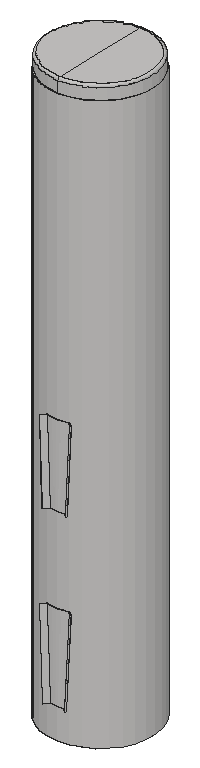
Revit family "QF_Vollrath_LD2-2", category Specialty Equipment, Revit 2016
Family settings
  Part Type = Normal
  Round Connector Dimension = Use Diameter
  OmniClass Number = 23.40.40.00
  OmniClass Title = Food Service Equipment and Furnishings
  Work Plane-Based = Yes
  Always vertical = Yes
  Cut with Voids When Loaded = No
  Shared = No
  Room Calculation Point = No
Parameters
  Width = 4 1/2"
  Weight in Pounds = 0
  Watermarked By = ""
  URL Cutsheet = ""
  Specification by User [instance] = ""
  Specification by Manufacturer [instance] = ""
  Serial Number [instance] = ""
  Revision Code [instance] = ""
  NAFEM Spec ID Number [instance] = ""
  Model = "LD2-2"
  Masterspec [instance] = ""
  Manufacturer = "Vollrath"
  Item Number [instance] = "-"
  Installed By [instance] = ""
  Height = 25 1/2"
  Furnished By [instance] = ""
  Foodservice Equipment Identifier = yes
  Description = "Lid Dispenser"
  Depth = 4 1/2"
  Default Elevation = 48"
  CSI MasterFormat = ""
Reference planes (in)
  plane 1 "BACK": y = 0
  plane 2 "BOTTOM": z = 0
  plane 3 "LEFT": x = -16.56573
  plane 4 "RIGHT": x = -12.06573
  plane 5 "FRONT": y = -4.5
  plane 6 "TOP": z = 25.5
  plane 7: z = 24.91
  plane 8: z = 12.9818
  plane 9 "Middle Bottom": z = 12.3918
  plane 10: z = 0.59
  plane 11: z = 18.9459
  plane 12: z = 6.4909
  plane 13: y = -0.22333
  plane 14 "CNTR LR": x = -14.31573
  plane 15 "CNTR FB": y = -2.25
  plane 16: x = -16.34573
  plane 17: x = -12.45239
  plane 18 "Bottom Screw 1": z = 1.375
  plane 19 "Bottom of Screw 2": z = 5.125
  plane 20 "Top Screw 1": z = 8.875
  plane 21 "Top Screw 2": z = 12.625
Forms (in)
  Extrusion 1, solid, material "QF_Stainless-Polished"
    sketch origin (0, 0, 0) x (1, 0, 0) y (0, 1, 0)
      loop
        line (-15.75906, -0.48) -> (-15.75906, -0.51872)
        arc (-15.75906, -0.51872) -> (-14.31573, -4.50401) -> (-12.87239, -0.51872) r 2.25401
        line (-12.87239, -0.51872) -> (-12.87239, -0.48)
        arc (-12.87239, -0.48) -> (-14.31573, -4.53388) -> (-15.75906, -0.48) r 2.28388
    from 0 to 24.91
  Revolve 2, solid, material "QF_Stainless-Polished"
    sketch origin (-14.31573, 0, 0) x (0, 1, 0) y (0, 0, 1)
      loop
        line (-0.1, 25.5) -> (-2.25, 25.5) -> (-2.25, 24.91) -> (0, 24.91) -> (0, 25.4)
        arc (0, 25.4) -> (-0.02929, 25.47071) -> (-0.1, 25.5) r 0.1
      axis (-2.25, 24.91) -> (-2.25, 25.5)
    angle from 0 to 360
  Revolve 3, solid, material "QF_Stainless-Polished"
    sketch origin (-14.31573, 0, 0) x (0, 1, 0) y (0, 0, 1)
      loop
        line (-0.1, 12.9818) -> (-2.25, 12.9818) -> (-2.25, 12.3918) -> (0, 12.3918) -> (0, 12.8818)
        arc (0, 12.8818) -> (-0.02929, 12.95251) -> (-0.1, 12.9818) r 0.1
      axis (-2.25, 12.3918) -> (-2.25, 12.9818)
    angle from 0 to 360
  Revolve 4, solid, material "QF_Stainless-Polished"
    sketch origin (-14.31573, 0, 0) x (0, 1, 0) y (0, 0, 1)
      loop
        line (-0.1, 0.59) -> (-2.25, 0.59) -> (-2.25, 0) -> (0, 0) -> (0, 0.49)
        arc (0, 0.49) -> (-0.02929, 0.56071) -> (-0.1, 0.59) r 0.1
      axis (-2.25, 0) -> (-2.25, 0.59)
    angle from 0 to 360
  Blend 5, solid, material "QF_Stainless-Polished"
    base sketch origin (0, -0.05878, 1.375) x (0, 1, 0) y (-1, 0, 0)
      loop
        line (-4.47508, 14.62595) -> (-4.66485, 14.81704)
        arc (-4.66485, 14.81704) -> (-4.66887, 14.79913) -> (-4.67274, 14.78119) r 2.24813
        line (-4.67274, 14.78119) -> (-4.50709, 14.61554)
        arc (-4.50709, 14.61554) -> (-4.52907, 14.31573) -> (-4.50709, 14.01591) r 2.05574
        line (-4.50709, 14.01591) -> (-4.67274, 13.85026)
        arc (-4.67274, 13.85026) -> (-4.66887, 13.83232) -> (-4.66485, 13.81441) r 2.24813
        line (-4.66485, 13.81441) -> (-4.47508, 14.0055)
        arc (-4.47508, 14.0055) -> (-4.49898, 14.31573) -> (-4.47508, 14.62595) r 2.02564
    top sketch origin (0, -0.05878, 1.375) x (0, 1, 0) y (-1, 0, 0)
      loop
        arc (-4.62665, 14.98077) -> (-4.63162, 14.96448) -> (-4.63646, 14.94815) r 2.25368
        line (-4.63646, 14.94815) -> (-4.47821, 14.7899)
        arc (-4.47821, 14.7899) -> (-4.53352, 14.31573) -> (-4.47821, 13.84155) r 2.06019
        line (-4.47821, 13.84155) -> (-4.63646, 13.6833)
        arc (-4.63646, 13.6833) -> (-4.63162, 13.66697) -> (-4.62665, 13.65068) r 2.25368
        line (-4.62665, 13.65068) -> (-4.44514, 13.83219)
        arc (-4.44514, 13.83219) -> (-4.50356, 14.31573) -> (-4.44514, 14.79926) r 2.03023
        line (-4.44514, 14.79926) -> (-4.62665, 14.98077)
    from 0 to 3.75
  Blend 6, solid, material "QF_Stainless-Polished"
    base sketch origin (0, -0.04953, 8.875) x (0, 1, 0) y (-1, 0, 0)
      loop
        arc (-4.50709, 14.63458) -> (-4.53194, 14.31573) -> (-4.50709, 13.99687) r 2.0586
        line (-4.50709, 13.99687) -> (-4.67274, 13.83121)
        arc (-4.67274, 13.83121) -> (-4.66887, 13.81393) -> (-4.66485, 13.79668) r 2.25215
        line (-4.66485, 13.79668) -> (-4.47508, 13.98645)
        arc (-4.47508, 13.98645) -> (-4.50198, 14.31573) -> (-4.47508, 14.645) r 2.02865
        line (-4.47508, 14.645) -> (-4.66485, 14.83477)
        arc (-4.66485, 14.83477) -> (-4.66887, 14.81752) -> (-4.67274, 14.80024) r 2.25215
        line (-4.67274, 14.80024) -> (-4.50709, 14.63458)
    top sketch origin (0, -0.04953, 8.875) x (0, 1, 0) y (-1, 0, 0)
      loop
        line (-4.63646, 14.94815) -> (-4.47821, 14.7899)
        arc (-4.47821, 14.7899) -> (-4.53352, 14.31573) -> (-4.47821, 13.84155) r 2.06019
        line (-4.47821, 13.84155) -> (-4.63646, 13.6833)
        arc (-4.63646, 13.6833) -> (-4.63162, 13.66697) -> (-4.62665, 13.65068) r 2.25368
        line (-4.62665, 13.65068) -> (-4.44514, 13.83219)
        arc (-4.44514, 13.83219) -> (-4.50356, 14.31573) -> (-4.44514, 14.79926) r 2.03023
        line (-4.44514, 14.79926) -> (-4.62665, 14.98077)
        arc (-4.62665, 14.98077) -> (-4.63162, 14.96448) -> (-4.63646, 14.94815) r 2.25368
    from 0 to 3.5168
Lines and regions (in)
  symbolic lines, style "QF_Details_Surface"
    curve 1: line (-14.80459, -4.5, 8.875) -> (-14.98077, -4.67619, 8.875)
    curve 2: line (-14.94815, -4.68599, 8.875) -> (-14.7899, -4.52774, 8.875)
    curve 3: arc (-14.7899, -4.52774, 8.875) -> (-14.31573, -4.58305, 8.875) -> (-13.84155, -4.52774, 8.875) r 2.06019
    curve 4: arc (-13.83219, -4.49467, 8.875) -> (-14.31573, -4.55309, 8.875) -> (-14.79926, -4.49467, 8.875) r 2.03023
    curve 5: line (-13.65068, -4.67619, 8.875) -> (-13.83219, -4.49467, 8.875)
    curve 6: line (-13.84155, -4.52774, 8.875) -> (-13.6833, -4.68599, 8.875)
    curve 7: arc (-13.6833, -4.68599, 8.875) -> (-13.66697, -4.68115, 8.875) -> (-13.65068, -4.67619, 8.875) r 2.25368
    curve 8: arc (-14.98077, -4.67619, 8.875) -> (-14.96448, -4.68115, 8.875) -> (-14.94815, -4.68599, 8.875) r 2.25368
  symbolic lines
    curve 9: circle (-14.31573, -2.25, 8.875) r 2.25 normal (0, 0, 1)
Dimensions and locks (in)
  "Width": plane 3 "LEFT" to plane 4 "RIGHT"
  "Depth": plane 5 "FRONT" to plane 1 "BACK"
  "Height": plane 6 "TOP" to plane 2 "BOTTOM"
  locked: plane 6 "TOP" to plane 7 at 0.59
  locked: plane 8 to plane 9 "Middle Bottom" at 0.59
  locked: plane 10 to level at 0.59
  equal spacing: plane 7, plane 11, plane 8
  equal spacing: plane 9 "Middle Bottom", plane 12, plane 10
  equal spacing: plane 3 "LEFT", plane 14 "CNTR LR", plane 4 "RIGHT"
  equal spacing: plane 5 "FRONT", plane 15 "CNTR FB", plane 1 "BACK"
  locked: plane 18 "Bottom Screw 1" to level at 1.375
  locked: plane 19 "Bottom of Screw 2" to plane 18 "Bottom Screw 1" at 3.75
  locked: plane 20 "Top Screw 1" to plane 19 "Bottom of Screw 2" at 3.75
  locked: plane 21 "Top Screw 2" to plane 20 "Top Screw 1" at 3.75
  aligned and locked: level to plane 2 "BOTTOM"
  aligned and locked: plane 7 to Extrusion 1
  aligned and locked: Revolve 2 sketch curve to Revolve 2 sketch curve
  aligned and locked: plane 8 to Revolve 3 sketch curve
  aligned and locked: Revolve 3 sketch curve to plane 1 "BACK"
  aligned and locked: Revolve 3 sketch curve to plane 9 "Middle Bottom"
  aligned and locked: Revolve 3 sketch curve to Revolve 3 sketch curve
  aligned and locked: plane 7 to Revolve 2 sketch curve
  aligned and locked: Revolve 2 sketch curve to plane 15 "CNTR FB"
  aligned and locked: Revolve 2 sketch curve to plane 6 "TOP"
  aligned and locked: plane 1 "BACK" to Revolve 2 sketch curve
  aligned and locked: plane 10 to Revolve 4 sketch curve
  aligned and locked: Revolve 4 sketch curve to plane 1 "BACK"
  aligned and locked: Extrusion 1 to Revolve 4 sketch curve
  aligned and locked: Revolve 4 sketch curve to Revolve 4 sketch curve
  aligned and locked: plane 19 "Bottom of Screw 2" to Blend 5
Automatic sketch dimensions
  Revolve 2 sketch curve to plane 7 = 0"
  Revolve 2 sketch curve to plane 6 "TOP" = 0"
  Revolve 2 sketch curve to plane 6 "TOP" = 0.1"
  Revolve 3 sketch curve to plane 9 "Middle Bottom" = 0"
  Revolve 3 sketch curve to plane 8 = 0"
  Revolve 3 sketch curve to Revolve 3 sketch curve = 0.1"
  Revolve 4 sketch curve to level = 0"
  Revolve 4 sketch curve to plane 10 = 0"
  plane 1 "BACK" to Revolve 4 sketch curve = 0.1"
  Blend 5 sketch curve to plane 14 "CNTR LR" = 0"  (x2)
  plane 15 "CNTR FB" to Blend 5 sketch curve = 0.28211"  (x2)
  plane 5 "FRONT" to Blend 5 sketch curve = 0.22363"  (x2)
  Blend 5 sketch curve to Blend 5 sketch curve = 0.03201"  (x2)
  Blend 5 sketch curve to Blend 5 sketch curve = 0.01041"  (x2)
  Blend 5 sketch curve to Blend 5 sketch curve = 0"  (x12)
  Blend 5 sketch curve to Blend 5 sketch curve = 0.16565"
  Blend 5 sketch curve to Blend 5 sketch curve = 0.00789"  (x2)
  plane 5 "FRONT" to Blend 5 sketch curve = 0.06587"
  Blend 5 sketch curve to Blend 5 sketch curve = 0.15524"
  plane 14 "CNTR LR" to Blend 5 sketch curve = 0.29981"
  plane 5 "FRONT" to Blend 5 sketch curve = 0.18543"
  Blend 5 sketch curve to Blend 5 sketch curve = 0.00981"  (x2)
  Blend 5 sketch curve to Blend 5 sketch curve = 0.03307"  (x2)
  Blend 5 sketch curve to Blend 5 sketch curve = 0.00936"  (x2)
  Blend 5 sketch curve to Blend 5 sketch curve = 0.03262"  (x2)
  Blend 5 sketch curve to Blend 5 sketch curve = 0.15825"  (x2)
  plane 5 "FRONT" to Blend 5 sketch curve = 0.19524"
  Blend 6 sketch curve to plane 14 "CNTR LR" = 0"  (x2)
  Blend 6 sketch curve to Blend 6 sketch curve = 0.03201"  (x2)
  Blend 6 sketch curve to Blend 6 sketch curve = 0.00789"  (x2)
  Blend 6 sketch curve to Blend 6 sketch curve = 0.01041"
  Blend 6 sketch curve to Blend 6 sketch curve = 0.16565"  (x3)
  Blend 6 sketch curve to Blend 6 sketch curve = 0.03453"  (x2)
  Blend 6 sketch curve to Blend 6 sketch curve = 0"  (x12)
  plane 5 "FRONT" to Blend 6 sketch curve = 0.22228"  (x2)
  plane 15 "CNTR FB" to Blend 6 sketch curve = 0.27287"  (x2)
  Blend 6 sketch curve to Blend 6 sketch curve = 0.03307"  (x2)
  plane 5 "FRONT" to Blend 6 sketch curve = 0.02774"
  plane 5 "FRONT" to Blend 6 sketch curve = 0.17619"
  Blend 6 sketch curve to Blend 6 sketch curve = 0.00981"  (x2)
  Blend 6 sketch curve to Blend 6 sketch curve = 0.00936"  (x2)
  Blend 6 sketch curve to Blend 6 sketch curve = 0.03262"  (x2)
  plane 5 "FRONT" to Blend 6 sketch curve = 0.18599"
  Blend 6 sketch curve to Blend 6 sketch curve = 0.14889"
  Extrusion 1 sketch curve to plane 14 "CNTR LR" = 0"
  plane 15 "CNTR FB" to Extrusion 1 sketch curve = 0"
  plane 13 to Extrusion 1 sketch curve = 0.29538"  (x2)
  Extrusion 1 sketch curve to Extrusion 1 sketch curve = 0"  (x2)
  plane 1 "BACK" to Extrusion 1 sketch curve = 0.48"
  plane 16 to Extrusion 1 sketch curve = 0.58667"
  Revolve 4 sketch curve to plane 15 "CNTR FB" = 0"
  Revolve 3 sketch curve to plane 15 "CNTR FB" = 0"
  curve 3 to curve 4 = 0"  (x2)
  curve 3 to curve 7 = 0"  (x2)
  curve 3 to curve 8 = 0"  (x2)
  curve 4 to curve 7 = 0"  (x2)
  curve 4 to curve 8 = 0"  (x2)
  curve 7 to curve 8 = 0"  (x2)
  plane 5 "FRONT" to curve 1 = 0"
  curve 8 to plane 14 "CNTR LR" = 0"
  curve 9 to plane 14 "CNTR LR" = 0"
  plane 15 "CNTR FB" to curve 9 = 0"
  plane 5 "FRONT" to curve 6 = 0.02774"
  plane 5 "FRONT" to curve 2 = 0.02774"
  plane 5 "FRONT" to curve 5 = 0.17619"
  plane 5 "FRONT" to curve 1 = 0.17619"
  curve 6 to curve 5 = 0.00981"
  curve 2 to curve 8 = 0.00981"
  curve 5 to plane 5 "FRONT" = 0.00533"
  plane 15 "CNTR FB" to curve 8 = 0.27287"
  plane 14 "CNTR LR" to curve 6 = 0.47418"
  curve 5 to curve 6 = 0.00936"
  curve 6 to curve 6 = 0.15825"
  curve 2 to curve 2 = 0.15825"
  curve 4 to plane 5 "FRONT" = 0.00533"
  curve 4 to curve 1 = 0.00533"
  radius of curve 9 = 2 1/4"
